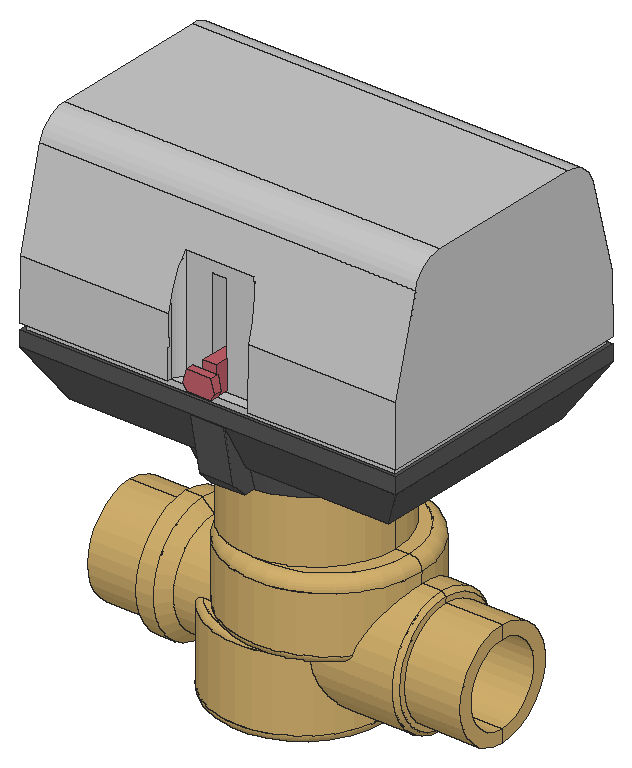
Revit family "Resideo_VC-ValveBody_VCZAsss", category Pipe Fittings, Revit 2021
Family settings
  Round Connector Dimension = Use Diameter
  Part Type = Transition
  OmniClass Number = 23.65.55.14
  OmniClass Title = Valves for Liquid Services
  Work Plane-Based = No
  Always vertical = Yes
  Cut with Voids When Loaded = No
  Shared = No
Parameters (values of type "VCZAH1000")
  e = 4.0 mm
  d = 26.725 mm
  c = 55.725 mm
  b = 39.5 mm
  a = 19.5 mm
  _ObjectUserGuide = "https://www.bimstore.co/products/vc-valve-body-vcza/document/object-user-guide"
  _DistributedBy = "https://www.bimstore.co/"
  _CurrentRevision = 1
  _CreatedBy = "https://www.bimstore.co/"
  _BimSpecGuid = 0
  _BSBibleVersion = 16
  _AuthorizedBy = "bimstore"
  _Author = "AM"
  WithActuator-VC8010ZZ00/U [instance] = no
  WithActuator-VC6613ZZ00/U [instance] = no
  WithActuator-VC6013ZZ00/U [instance] = no
  WithActuator-VC6012ZZ00/U [instance] = no
  WithActuator-VC4013ZZ00/U [instance] = yes
  Weight = 0.51 kg
  WarrantyStartDate [instance] = "Please record on commissioning"
  WarrantyGuarantorParts = "https://www.resideo.com/gb/en/contact-us/"
  WarrantyGuarantorLabor = "https://www.resideo.com/gb/en/contact-us/"
  WarrantyDurationUnit = "Year"
  WarrantyDurationParts = "0"
  WarrantyDurationLabor = "0"
  WarrantyDescription = "n/a"
  VCZAP1100/U = no
  VCZAJ1100/U = no
  VCZAJ1000/U = no
  VCZAH1100/U = yes
  URL = "https://www.resideo.com/"
  TypeName = "VCZAH1000"
  Type Comments = "BODY VALVE"
  SpareParts = "VC Series replacement cartridge for 2-port zone valves, on/off [VCZZ1000/U]"
  Size = "50mm (D) x 93mm (H) x 65mm (L)"
  Shape = "n/a"
  SerialNumber [instance] = "Please record on commissioning"
  SecondaryMaterial = Resideo - Stainless Steel
  ReplacementCost = "n/a"
  ReferencedStandard = "n/a"
  ProductionYear = "2022"
  ProductSeries = "VC-A-int"
  PrimaryMaterial = Resideo - Brass
  NominalPressure = "PN20"
  NominalLength = 94.0 mm
  NominalHeight = 83.0 mm
  NominalDepth = 47.0 mm
  NBSReference = "n/a"
  NBSOfficeMasterTag = "n/a"
  NBSObjectName = "Resideo - Valve products"
  NBSNote = "n/a"
  NBSDescription = "Valve products"
  ModelReference = "BODY VALVE"
  ModelNumber = "VCZAH1000"
  Model = "VCZAH1000"
  MinimumMediaTemperature = "1°C"
  MediumType = "Water or water-glycol mixture according to VDI 2035"
  MaximumMediaTemperature = "95°C"
  MaximumDifferentialPressure = 4.0 bar
  Material = "Brass"
  ManufacturerName = "Resideo"
  Manufacturer = "Resideo"
  Keynote = "S"
  InstallationDate [instance] = "Please record on commissioning"
  IfcExportType = "IfcValveTypeEnum.REGULATING"
  IfcExportAs = "IfcValve"
  Grade = "n/a"
  FlowCapacity(A-B) = 5.3 m³/h
  Finish = "n/a"
  Features = "n/a"
  ExpectedLife = 0
  Error [instance] = if(and([WithActuator-VC4013ZZ00/U], [WithActuator-VC6012ZZ00/U]), "Please choose only one Actuator type", if(and([WithActuator-VC4013ZZ00/U], [WithActuator-VC6013ZZ00/U]), "Please choose only one Actuator type", if(and([WithActuator-VC4013ZZ00/U], [WithActuator-VC6613ZZ00/U]), "Please choose only one Actuator type", if(and([WithActuator-VC4013ZZ00/U], [WithActuator-VC8010ZZ00/U]), "Please choose only one Actuator type", if(and([WithActuator-VC6012ZZ00/U], [WithActuator-VC6013ZZ00/U]), "Please choose only one Actuator type", if(and([WithActuator-VC6012ZZ00/U], [WithActuator-VC6613ZZ00/U]), "Please choose only one Actuator type", if(and([WithActuator-VC6012ZZ00/U], [WithActuator-VC8010ZZ00/U]), "Please choose only one Actuator type", if(and([WithActuator-VC6013ZZ00/U], [WithActuator-VC6613ZZ00/U]), "Please choose only one Actuator type", if(and([WithActuator-VC6013ZZ00/U], [WithActuator-VC8010ZZ00/U]), "Please choose only one Actuator type", if(not(or([WithActuator-VC4013ZZ00/U], [WithActuator-VC6012ZZ00/U], [WithActuator-VC6013ZZ00/U], [WithActuator-VC6613ZZ00/U], [WithActuator-VC8010ZZ00/U])), "Please choose an actuator type", "n/a"))))))))))  # "n/a"
  DurationUnit = "Year"
  DocumentationTechnical = "https://www.bimstore.co/products/vc-valve-body-vcza/document/technical-data-sheet"
  DocumentationMaintenance = "https://www.bimstore.co/products/vc-valve-body-vcza/document/maintenance-information"
  DocumentationLiterature = "https://www.bimstore.co/products/vc-valve-body-vcza/document/product-literature"
  DocumentationInstallationGuide = "https://www.bimstore.co/products/vc-valve-body-vcza/document/installation-guide"
  DocumentationCertificates = "https://www.bimstore.co/products/vc-valve-body-vcza/document/product-certificates"
  Description = "BODY VALVE"
  Default Elevation = 0.0 mm
  CreatedOn = "2022-04-05 T09:00:00"
  CreatedBy = "https://www.resideo.com/gb/en/contact-us/"
  Cost = 0
  ControlCharacteristics = "On/Off"
  Constituents = "n/a"
  ConnectionSize = "3/4\""
  ConnectionDia = 20.0 mm
  ConnectionRadius = ConnectionDia / 2  # 10.0 mm
  Color = "n/a"
  CodePerformance = "n/a"
  ClassificationValue = "Pr_65_54"
  ClassificationName = "Uniclass2015"
  BarCode [instance] = "Please record on commissioning"
  BIMObjectName = "Resideo_VC-ValveBody_VCZA"
  AssetType = "Fixed"
  AssetIdentifier [instance] = "Please record on commissioning"
  Assembly Code = "D20"
  ActuatorWeight [instance] = if([WithActuator-VC4013ZZ00/U], 0.335 kg, if([WithActuator-VC6012ZZ00/U], 0.29 kg, if([WithActuator-VC6013ZZ00/U], 0.31 kg, if([WithActuator-VC6613ZZ00/U], 0.31 kg, if([WithActuator-VC8010ZZ00/U], 0.29 kg, 0.00 kg)))))  # 0.335 kg
  ActuatorPowerSupply [instance] = if(and([WithActuator-VC4013ZZ00/U], [WithActuator-VC6012ZZ00/U]), "Please choose only one Actuator type", if(and([WithActuator-VC4013ZZ00/U], [WithActuator-VC6013ZZ00/U]), "Please choose only one Actuator type", if(and([WithActuator-VC4013ZZ00/U], [WithActuator-VC6613ZZ00/U]), "Please choose only one Actuator type", if(and([WithActuator-VC4013ZZ00/U], [WithActuator-VC8010ZZ00/U]), "Please choose only one Actuator type", if(and([WithActuator-VC6012ZZ00/U], [WithActuator-VC6013ZZ00/U]), "Please choose only one Actuator type", if(and([WithActuator-VC6012ZZ00/U], [WithActuator-VC6613ZZ00/U]), "Please choose only one Actuator type", if(and([WithActuator-VC6012ZZ00/U], [WithActuator-VC8010ZZ00/U]), "Please choose only one Actuator type", if(and([WithActuator-VC6013ZZ00/U], [WithActuator-VC6613ZZ00/U]), "Please choose only one Actuator type", if(and([WithActuator-VC6013ZZ00/U], [WithActuator-VC8010ZZ00/U]), "Please choose only one Actuator type", if([WithActuator-VC4013ZZ00/U], "230V, 50-60Hz", if([WithActuator-VC6012ZZ00/U], "230V, 50-60Hz", if([WithActuator-VC6013ZZ00/U], "230V, 50-60Hz", if([WithActuator-VC6613ZZ00/U], "230V, 50-60Hz", if([WithActuator-VC8010ZZ00/U], "24V, 50-60Hz", "Please choose an actuator type"))))))))))))))  # "230V, 50-60Hz"
  ActuatorOffset = 39.5 mm
  ActuatorControlSignal [instance] = if(and([WithActuator-VC4013ZZ00/U], [WithActuator-VC6012ZZ00/U]), "Please choose only one Actuator type", if(and([WithActuator-VC4013ZZ00/U], [WithActuator-VC6013ZZ00/U]), "Please choose only one Actuator type", if(and([WithActuator-VC4013ZZ00/U], [WithActuator-VC6613ZZ00/U]), "Please choose only one Actuator type", if(and([WithActuator-VC4013ZZ00/U], [WithActuator-VC8010ZZ00/U]), "Please choose only one Actuator type", if(and([WithActuator-VC6012ZZ00/U], [WithActuator-VC6013ZZ00/U]), "Please choose only one Actuator type", if(and([WithActuator-VC6012ZZ00/U], [WithActuator-VC6613ZZ00/U]), "Please choose only one Actuator type", if(and([WithActuator-VC6012ZZ00/U], [WithActuator-VC8010ZZ00/U]), "Please choose only one Actuator type", if(and([WithActuator-VC6013ZZ00/U], [WithActuator-VC6613ZZ00/U]), "Please choose only one Actuator type", if(and([WithActuator-VC6013ZZ00/U], [WithActuator-VC8010ZZ00/U]), "Please choose only one Actuator type", if([WithActuator-VC4013ZZ00/U], "2-pt", if([WithActuator-VC6012ZZ00/U], "3-pt", if([WithActuator-VC6013ZZ00/U], "3-pt", if([WithActuator-VC6613ZZ00/U], "3-pt", if([WithActuator-VC8010ZZ00/U], "2-pt", "Please choose an actuator type"))))))))))))))  # "2-pt"
  ActuatorConnectionType [instance] = if(and([WithActuator-VC4013ZZ00/U], [WithActuator-VC6012ZZ00/U]), "Please choose only one Actuator type", if(and([WithActuator-VC4013ZZ00/U], [WithActuator-VC6013ZZ00/U]), "Please choose only one Actuator type", if(and([WithActuator-VC4013ZZ00/U], [WithActuator-VC6613ZZ00/U]), "Please choose only one Actuator type", if(and([WithActuator-VC4013ZZ00/U], [WithActuator-VC8010ZZ00/U]), "Please choose only one Actuator type", if(and([WithActuator-VC6012ZZ00/U], [WithActuator-VC6013ZZ00/U]), "Please choose only one Actuator type", if(and([WithActuator-VC6012ZZ00/U], [WithActuator-VC6613ZZ00/U]), "Please choose only one Actuator type", if(and([WithActuator-VC6012ZZ00/U], [WithActuator-VC8010ZZ00/U]), "Please choose only one Actuator type", if(and([WithActuator-VC6013ZZ00/U], [WithActuator-VC6613ZZ00/U]), "Please choose only one Actuator type", if(and([WithActuator-VC6013ZZ00/U], [WithActuator-VC8010ZZ00/U]), "Please choose only one Actuator type", if([WithActuator-VC4013ZZ00/U], "Cable (1 meter)", if([WithActuator-VC6012ZZ00/U], "Molex™ socket", if([WithActuator-VC6013ZZ00/U], "Cable (1 meter)", if([WithActuator-VC6613ZZ00/U], "Cable (1 meter)", if([WithActuator-VC8010ZZ00/U], "Molex™ socket", "Please choose an actuator type"))))))))))))))  # "Cable (1 meter)"
  ActuatorAuxillarySwitches [instance] = if([WithActuator-VC6613ZZ00/U], "1", "n/a")  # "n/a"
  AccessibilityPerformance = "n/a"
Types (8, lengths in mm): name | e | d | c | b | a | Weight | VCZAP1100/U | VCZAJ1100/U | VCZAJ1000/U | VCZAH1100/U | TypeName | SpareParts | NominalHeight | ModelNumber | Model | FlowCapacity(A-B) | ControlCharacteristics | ConnectionSize | ConnectionDia | ConnectionRadius | ActuatorOffset
  VCZAH1100 | 4.0 | 26.725 | 55.725 | 39.5 | 19.5 | 0.51 kg | no | no | no | yes | "VCZAH1100" | "VC Series replacement cartridge for 2-port zone valves, on/off [VCZZ1000/U]" | 83.0 | "VCZAH1100" | "VCZAH1100" | 4.5 m³/h | "Modulating" | "3/4\"" | 20.0 | 10.0 | 39.5
  VCZAJ1000 | 4.0 | 26.725 | 55.725 | 39.5 | 19.5 | 0.54 kg | no | no | yes | no | "VCZAJ1000" | "VC Series replacement cartridge for 2-port zone valves, on/off [VCZZ1000/U]" | 83.0 | "VCZAJ1000" | "VCZAJ1000" | 5.0 m³/h | "On/Off" | "3/4\"" | 20.0 | 10.0 | 39.5
  VCZAJ1100 | 4.0 | 26.725 | 55.725 | 39.5 | 19.5 | 0.54 kg | no | yes | no | no | "VCZAJ1100" | "VC Series replacement cartridge for 2-port zone valves, on/off [VCZZ1100/U]" | 83.0 | "VCZAJ1100" | "VCZAJ1100" | 4.5 m³/h | "Modulating" | "3/4\"" | 20.0 | 10.0 | 39.5
  VCZAP1100 | 3.8 | 25.2 | 53.1 | 38.0 | 21.0 | 0.565 kg | yes | no | no | no | "VCZAP1100" | "VC Series replacement cartridge for 2-port zone valves, on/off [VCZZ1100/U]" | 82.0 | "VCZAP1100" | "VCZAP1100" | 5.7 m³/h | "Modulating" | "1\"" | 25.0 | 12.5 | 38.0
  VCZAP1000 | 3.8 | 25.2 | 53.1 | 38.0 | 21.0 | 0.565 kg | yes | no | no | no | "VCZAP1000" | "VC Series replacement cartridge for 2-port zone valves, on/off [VCZZ1000/U]" | 82.0 | "VCZAP1000" | "VCZAP1000" | 5.5 m³/h | "On/Off" | "1\"" | 25.0 | 12.5 | 38.0
  VCZAH1000 | 4.0 | 26.725 | 55.725 | 39.5 | 19.5 | 0.51 kg | no | no | no | yes | "VCZAH1000" | "VC Series replacement cartridge for 2-port zone valves, on/off [VCZZ1000/U]" | 83.0 | "VCZAH1000" | "VCZAH1000" | 5.3 m³/h | "On/Off" | "3/4\"" | 20.0 | 10.0 | 39.5
  VCZAQ1100 | 3.8 | 25.2 | 53.1 | 38.0 | 21.0 | 0.53 kg | yes | no | no | no | "VCZAQ1100" | "VC Series replacement cartridge for 2-port zone valves, on/off [VCZZ1100/U]" | 82.0 | "VCZAQ1100" | "VCZAQ1100" | 5.3 m³/h | "Modulating" | "1\"" | 25.0 | 12.5 | 38.0
  VCZAQ1000 | 3.8 | 25.2 | 53.1 | 38.0 | 21.0 | 0.53 kg | yes | no | no | no | "VCZAQ1000" | "VC Series replacement cartridge for 2-port zone valves, on/off [VCZZ1000/U]" | 82.0 | "VCZAQ1000" | "VCZAQ1000" | 5.5 m³/h | "On/Off" | "1\"" | 25.0 | 12.5 | 38.0
Reference planes
  plane 1 "Center (Front/Back)": y = 0
  plane 2: z = 0
  plane 3 "Center (Left/Right)": x = 0
  plane 4: y = 0
  plane 5: x = 0
Forms (mm)
  Revolve 1, solid, material "Resideo - Brass" <- "PrimaryMaterial", detail levels medium+fine
    sketch origin (0, 0, 0) x (1, 0, 0) y (0, 0, 1)
      loop
        arc (17.72, 0.722) -> (17.281, 1.783) -> (16.22, 2.222) r 1.5
        line (16.22, 2.222) -> (-3.361, 2.222) -> (-3.361, -19.5) -> (15.554, -19.5)
        arc (15.554, -19.5) -> (17.086, -18.865) -> (17.72, -17.333) r 2.167
        line (17.72, -17.333) -> (17.72, 0.722)
      axis (-3.361, 2.222) -> (-3.361, -19.5)
    angle from 0 to 360
  Revolve 2, solid, material "Resideo - Brass" <- "PrimaryMaterial", detail levels medium+fine
    sketch origin (0, 0, 0) x (1, 0, 0) y (0, 0, 1)
      loop
        line (23.525, 21) -> (3.284, 21) -> (3.284, 2.222) -> (24.83, 2.222)
        arc (24.83, 2.222) -> (26.012, 2.712) -> (26.502, 3.895) r 1.672
        line (26.502, 3.895) -> (26.502, 18.023)
        arc (26.502, 18.023) -> (25.63, 20.128) -> (23.525, 21) r 2.977
      axis (3.284, 21) -> (3.284, 2.222)
    angle from 0 to 360
  Revolve 3, solid, material "Resideo - Brass" <- "PrimaryMaterial", visible <- "VCZAH1100/U", detail levels medium+fine
    sketch origin (0, 0, 0) x (1, 0, 0) y (0, 0, 1)
      loop
        line (-46.6, 13.227) -> (-46.6, 10) -> (-32.57, 10) -> (-32.57, 0) -> (32.495, 0) -> (32.495, 10) -> (46.6, 10) -> (46.6, 13.227) -> (32.495, 13.227) -> (32.495, 14.553) -> (31.466, 15.582) -> (0, 15.582) -> (0, 12.905) -> (-25.574, 12.905) -> (-28.31, 15.64) -> (-32.57, 15.64) -> (-32.57, 13.227) -> (-46.6, 13.227)
      axis (46.6, 0) -> (-46.6, 0)
    angle from 0 to 360
  Revolve 4, solid, material "Resideo - Brass" <- "PrimaryMaterial", detail levels medium+fine
    sketch origin (0, 0, 0) x (1, 0, 0) y (0, 0, 1)
      loop
        line (19.934, 39.5) -> (17.407, 39.5) -> (17.407, 25.725) -> (0, 25.725) -> (0, 15.808) -> (19.934, 15.808) -> (19.934, 39.5)
      axis (0, 15.808) -> (0, 39.5)
    angle from 0 to 360
  Revolve 5, solid, material "Resideo - Brass" <- "PrimaryMaterial", visible <- "VCZAJ1000/U", detail levels medium+fine
    sketch origin (0, 0, 0) x (1, 0, 0) y (0, 0, 1)
      loop
        line (-46.6, 10) -> (-30.095, 10) -> (-30.095, 0) -> (30.095, 0) -> (30.095, 10) -> (46.6, 10) -> (46.6, 15.605) -> (27.435, 15.605) -> (26.18, 12.914) -> (-26.023, 12.914) -> (-27.576, 15.605) -> (-46.6, 15.605) -> (-46.6, 10)
      axis (46.6, 0) -> (-46.6, 0)
    angle from 0 to 360
  Revolve 6, solid, material "Resideo - Brass" <- "PrimaryMaterial", visible <- "VCZAJ1100/U", detail levels medium+fine
    sketch origin (0, 0, 0) x (1, 0, 0) y (0, 0, 1)
      loop
        line (-46.6, 10) -> (-36.6, 10) -> (-36.6, 0) -> (36.6, 0) -> (36.6, 10) -> (46.6, 10) -> (46.6, 15.594) -> (27.55, 15.594) -> (26.003, 12.914) -> (-26.003, 12.914) -> (-27.55, 15.594) -> (-46.6, 15.594) -> (-46.6, 10)
      axis (46.6, 0) -> (-46.6, 0)
    angle from 0 to 360
  Revolve 7, solid, material "Resideo - Brass" <- "PrimaryMaterial", visible <- "VCZAP1100/U", detail levels medium+fine
    sketch origin (0, 0, 0) x (1, 0, 0) y (0, 0, 1)
      loop
        line (-46.6, 12.5) -> (-29.8, 12.5) -> (-29.8, 0) -> (29.8, 0) -> (29.8, 12.5) -> (46.6, 12.5) -> (46.6, 18.706) -> (25.277, 18.706) -> (24.801, 17.684) -> (-24.81, 17.684) -> (-25.286, 18.706) -> (-46.6, 18.706) -> (-46.6, 12.5)
      axis (46.6, 0) -> (-46.6, 0)
    angle from 0 to 360
  Extrusion 8, solid, not visible, detail levels medium+fine
    sketch origin (49, 0, -50) x (0, 0, 1) y (0, -1, 0)
      loop
        circle (50, 0) r 5
    from -95.6 to -2.4
  Extrusion 9, solid, material "Resideo - Plastic - Light Grey", detail levels medium+fine
    sketch origin (0, -100, 39.5) x (0, 1, 0) y (0, 0, 1)
      loop
        line (134, 23.5) -> (133.739, 38.476) -> (127.684, 61.071)
        arc (127.684, 61.071) -> (124.827, 65.347) -> (119.957, 67) r 8
        line (119.957, 67) -> (80.043, 67)
        arc (80.043, 67) -> (75.173, 65.347) -> (72.316, 61.071) r 8
        line (72.316, 61.071) -> (66.261, 38.476) -> (66, 23.5) -> (134, 23.5)
    from -47 to 47
  Extrusion 10, solid, material "Resideo - Plastic - Black", detail levels medium+fine
    sketch origin (100, 0, 39.5) x (-1, 0, 0) y (0, -1, 0)
      loop
        line (53, 34) -> (53, -34) -> (147, -34) -> (147, 34) -> (53, 34)
    from 18.076 to 22
  Blend 11, solid, material "Resideo - Plastic - Black", detail levels medium+fine
    base sketch origin (100, 0, 39.5) x (-1, 0, 0) y (0, -1, 0)
      loop
        line (147, -34) -> (147, 34) -> (53, 34) -> (53, -34) -> (147, -34)
    top sketch origin (100, 0, 39.5) x (-1, 0, 0) y (0, -1, 0)
      loop
        line (140, -26.777) -> (140, 27.223) -> (60, 27.223) -> (60, -26.777) -> (140, -26.777)
    from 18.076 to 6
  Revolve 12, solid, material "Resideo - Plastic - Black", detail levels medium+fine
    sketch origin (100, 0, 39.5) x (-1, 0, 0) y (0, 0, -1)
      loop
        line (123.224, 0) -> (124.832, -6) -> (126.608, -6) -> (125, 0) -> (123.224, 0)
      axis (100, -6) -> (100, 0)
    angle from 0 to 360
  Extrusion 13, solid, material "Resideo - Plastic - Light Grey", detail levels medium+fine
    sketch origin (100, 0, 39.5) x (-1, 0, 0) y (0, -1, 0)
      loop
        line (146, -33) -> (146, 33) -> (54, 33) -> (54, -33) -> (146, -33)
    from 22 to 23.5
  Extrusion 14, void
    sketch origin (100, 0, 39.5) x (0, -1, 0) y (-1, 0, 0)
      loop
        line (30.2, 108.533) -> (30.2, 91.467)
        arc (30.2, 91.467) -> (31.475, 90.388) -> (33.1, 90) r 3.6
        line (33.1, 90) -> (35.1, 90) -> (35.1, 110) -> (33.1, 110)
        arc (33.1, 110) -> (31.475, 109.612) -> (30.2, 108.533) r 3.6
    from -67 to -22
  Extrusion 15, void
    sketch origin (100, 0, 39.5) x (1, 0, 0) y (0, 0, -1)
      loop
        line (-101.8, -23.821) -> (-101.8, -49.014) -> (-98.2, -49.014) -> (-98.2, -23.821) -> (-101.8, -23.821)
    from 0 to -35.56
  Extrusion 16, solid, material "Resideo - Plastic - Red", detail levels medium+fine
    sketch origin (100, 0, 39.5) x (-1, 0, 0) y (0, 0, -1)
      loop
        line (98.3, -30.976) -> (101.7, -30.976) -> (101.7, -23.821) -> (98.3, -23.821) -> (98.3, -30.976)
    from 18.12 to 33.39
  Extrusion 17, solid, material "Resideo - Plastic - Red", detail levels medium+fine
    sketch origin (100, 0, 39.5) x (-1, 0, 0) y (0, 0, -1)
      loop
        line (103.089, -29.85) -> (104, -26.45) -> (103.076, -24.85) -> (96.924, -24.85) -> (96, -26.45) -> (96.911, -29.85) -> (103.089, -29.85)
    from 34.79 to 36.79
  Extrusion 18, solid, material "Resideo - Plastic - Black", detail levels medium+fine
    sketch origin (0, -100, 39.5) x (0, 1, 0) y (0, 0, 1)
      loop
        line (65.777, 18.076) -> (68.777, 3.7) -> (72.477, 0) -> (76.56, 0) -> (76.56, 18.076) -> (65.777, 18.076)
    from -4.1 to 4.1
  Extrusion 19, solid, material "Resideo - Plastic - Red", detail levels medium+fine
    sketch origin (0, -100, 39.5) x (0, 1, 0) y (0, 0, 1)
      loop
        line (66.61, 27.95) -> (65.21, 27.95) -> (65.21, 24.85) -> (66.61, 24.85) -> (66.61, 27.95)
    from -1.7 to 1.7
Cuts and joins
  joined: Revolve 1, Revolve 2, Revolve 4
  Extrusion 14, Extrusion 15 cuts Extrusion 9
Lines and regions (mm)
  model lines, detail levels coarse
    curve 1: line (-46.6, 0, 0) -> (-20.577, 0, 0)
    curve 2: line (-20.577, 10, 0) -> (-20.577, -10, 0)
    curve 3: line (20.577, 10, 0) -> (20.577, -10, 0)
    curve 4: line (-20.577, 10, 0) -> (20.577, -10, 0)
    curve 5: line (20.577, 10, 0) -> (-20.577, -10, 0)
    curve 6: line (46.6, 0, 0) -> (20.577, 0, 0)
  reference lines
    curve 7: line (100, 0, 39.5) -> (-100, 0, 39.5)
    curve 8: line (0, -100, 39.5) -> (0, 100, 39.5)
Dimensions and locks
  "a": level to Revolve 1 sketch curve
  "b": Revolve 4 sketch curve to level
  equal spacing: Extrusion 8, plane 3 "Center (Left/Right)", Extrusion 8
  Extrusion 8 to Extrusion 8 = 93.2 mm
  equal spacing: curve 2, plane 1 "Center (Front/Back)", curve 2
  "ConnectionDia": curve 2 to curve 2
  equal spacing: curve 3, plane 1 "Center (Front/Back)", curve 3
  "ConnectionDia": curve 3 to curve 3
  "ActuatorOffset": curve 7 to level
  "ActuatorOffset": curve 8 to level
  aligned and locked: level to plane 2
  aligned and locked: level to Extrusion 8 sketch curve
  aligned and locked: plane 1 "Center (Front/Back)" to Extrusion 8 sketch curve
  aligned and locked: plane 1 "Center (Front/Back)" to curve 1
  aligned and locked: plane 4 to plane 1 "Center (Front/Back)"
  aligned and locked: plane 3 "Center (Left/Right)" to plane 5
Automatic sketch dimensions
  Revolve 12 sketch curve to curve 7 = 0.0 mm
  Revolve 12 sketch curve to curve 7 = 76.776 mm
  Revolve 12 sketch curve to Revolve 12 sketch curve = 1.608 mm
  Revolve 12 sketch curve to Revolve 12 sketch curve = 1.776 mm  (x2)
  curve 7 to Revolve 12 sketch curve = 6.0 mm
  Revolve 12 sketch curve to curve 7 = 5.222 mm
  Revolve 12 sketch curve to Revolve 12 sketch curve = 23.224 mm
  Revolve 12 sketch curve to Revolve 12 sketch curve = 68.778 mm
  curve 7 to Blend 11 sketch curve = 53.0 mm
  Blend 11 sketch curve to curve 7 = 53.0 mm
  curve 7 to Blend 11 sketch curve = 34.0 mm
  Blend 11 sketch curve to curve 7 = 34.0 mm
  curve 7 to Blend 11 sketch curve = 26.777 mm
  curve 7 to Blend 11 sketch curve = 60.0 mm
  Blend 11 sketch curve to curve 7 = 27.223 mm
  Blend 11 sketch curve to curve 7 = 60.0 mm
  curve 7 to Extrusion 10 sketch curve = 53.0 mm
  Extrusion 10 sketch curve to curve 7 = 53.0 mm
  curve 7 to Extrusion 10 sketch curve = 34.0 mm
  Extrusion 10 sketch curve to curve 7 = 34.0 mm
  curve 7 to Extrusion 13 sketch curve = 54.0 mm
  Extrusion 13 sketch curve to curve 7 = 54.0 mm
  curve 7 to Extrusion 13 sketch curve = 33.0 mm
  Extrusion 13 sketch curve to curve 7 = 33.0 mm
  curve 7 to Extrusion 14 sketch curve = 90.0 mm
  Extrusion 14 sketch curve to Extrusion 14 sketch curve = 1.467 mm
  Extrusion 14 sketch curve to Extrusion 14 sketch curve = 3.6 mm  (x2)
  Extrusion 14 sketch curve to Extrusion 14 sketch curve = 12.8 mm
  Extrusion 14 sketch curve to Extrusion 14 sketch curve = 2.133 mm
  Extrusion 14 sketch curve to curve 7 = 30.2 mm
  Extrusion 14 sketch curve to Extrusion 14 sketch curve = 2.0 mm
  curve 7 to Extrusion 15 sketch curve = 49.014 mm
  curve 7 to Extrusion 15 sketch curve = 98.2 mm
  Extrusion 15 sketch curve to Extrusion 15 sketch curve = 3.6 mm
  curve 7 to Extrusion 15 sketch curve = 23.821 mm
  curve 7 to Extrusion 16 sketch curve = 23.821 mm
  curve 7 to Extrusion 16 sketch curve = 98.3 mm
  Extrusion 16 sketch curve to Extrusion 16 sketch curve = 3.4 mm
  Extrusion 16 sketch curve to Extrusion 16 sketch curve = 7.155 mm
  curve 7 to Extrusion 17 sketch curve = 26.45 mm  (x2)
  curve 7 to Extrusion 17 sketch curve = 96.0 mm
  Extrusion 17 sketch curve to Extrusion 17 sketch curve = 0.911 mm
  Extrusion 17 sketch curve to Extrusion 17 sketch curve = 0.924 mm  (x2)
  curve 7 to Extrusion 17 sketch curve = 24.85 mm
  Extrusion 17 sketch curve to Extrusion 17 sketch curve = 6.152 mm
  curve 7 to Extrusion 17 sketch curve = 29.85 mm
  Extrusion 17 sketch curve to Extrusion 17 sketch curve = 0.013 mm
  plane 3 "Center (Left/Right)" to Revolve 2 sketch curve = 3.284 mm
  Revolve 2 sketch curve to Revolve 2 sketch curve = 20.241 mm
  level to Revolve 2 sketch curve = 3.895 mm
  Revolve 2 sketch curve to Revolve 2 sketch curve = 1.305 mm
  Revolve 2 sketch curve to Revolve 2 sketch curve = 2.977 mm
  Revolve 2 sketch curve to Revolve 2 sketch curve = 14.128 mm
  Revolve 2 sketch curve to Revolve 2 sketch curve = 0.0 mm  (x2)
  Revolve 2 sketch curve to level = 1.888 mm
  Revolve 3 sketch curve to level = 0.0 mm  (x2)
  Revolve 3 sketch curve to plane 3 "Center (Left/Right)" = 0.0 mm
  Revolve 3 sketch curve to plane 3 "Center (Left/Right)" = 25.574 mm
  Revolve 3 sketch curve to Revolve 3 sketch curve = 2.736 mm  (x2)
  Revolve 3 sketch curve to Revolve 3 sketch curve = 4.26 mm
  Revolve 3 sketch curve to Revolve 3 sketch curve = 0.0 mm  (x2)
  Revolve 3 sketch curve to Revolve 3 sketch curve = 14.03 mm
  level to Revolve 3 sketch curve = 15.582 mm
  plane 3 "Center (Left/Right)" to Revolve 3 sketch curve = 31.466 mm
  level to Revolve 3 sketch curve = 14.553 mm
  Revolve 3 sketch curve to Revolve 3 sketch curve = 1.029 mm
  Revolve 3 sketch curve to Revolve 3 sketch curve = 14.105 mm
  level to Revolve 3 sketch curve = 10.0 mm
  Revolve 3 sketch curve to Revolve 3 sketch curve = 4.553 mm
  Revolve 3 sketch curve to Revolve 3 sketch curve = 2.677 mm
  Revolve 3 sketch curve to Revolve 3 sketch curve = 3.227 mm
  Revolve 3 sketch curve to Revolve 3 sketch curve = 1.326 mm
  Revolve 3 sketch curve to Revolve 3 sketch curve = 5.0 mm
  Revolve 3 sketch curve to Revolve 3 sketch curve = 10.0 mm
  Revolve 5 sketch curve to level = 0.0 mm  (x2)
  level to Revolve 5 sketch curve = 15.605 mm
  Revolve 5 sketch curve to plane 3 "Center (Left/Right)" = 46.6 mm
  Revolve 5 sketch curve to Revolve 5 sketch curve = 16.505 mm  (x2)
  Revolve 5 sketch curve to Revolve 5 sketch curve = 2.519 mm
  Revolve 5 sketch curve to Revolve 5 sketch curve = 1.553 mm
  level to Revolve 5 sketch curve = 12.914 mm
  plane 3 "Center (Left/Right)" to Revolve 5 sketch curve = 26.18 mm
  Revolve 5 sketch curve to Revolve 5 sketch curve = 1.254 mm
  Revolve 5 sketch curve to Revolve 5 sketch curve = 3.915 mm
  Revolve 5 sketch curve to Revolve 5 sketch curve = 2.914 mm  (x2)
  Revolve 5 sketch curve to Revolve 5 sketch curve = 5.605 mm
  Revolve 5 sketch curve to Revolve 5 sketch curve = 1.505 mm
  Revolve 5 sketch curve to Revolve 5 sketch curve = 0.0 mm
  Revolve 6 sketch curve to level = 0.0 mm  (x2)
  level to Revolve 6 sketch curve = 10.0 mm  (x2)
  Revolve 6 sketch curve to plane 3 "Center (Left/Right)" = 46.6 mm
  Revolve 6 sketch curve to Revolve 6 sketch curve = 10.0 mm  (x3)
  Revolve 6 sketch curve to Revolve 6 sketch curve = 9.05 mm  (x2)
  level to Revolve 6 sketch curve = 12.914 mm
  Revolve 6 sketch curve to Revolve 6 sketch curve = 1.547 mm  (x2)
  plane 3 "Center (Left/Right)" to Revolve 6 sketch curve = 26.003 mm
  Revolve 6 sketch curve to Revolve 6 sketch curve = 5.594 mm
  Revolve 6 sketch curve to Revolve 6 sketch curve = 2.68 mm
  Revolve 6 sketch curve to Revolve 6 sketch curve = 0.0 mm
  Revolve 7 sketch curve to level = 0.0 mm  (x2)
  level to Revolve 7 sketch curve = 12.5 mm  (x2)
  Revolve 7 sketch curve to plane 3 "Center (Left/Right)" = 46.6 mm
  Revolve 7 sketch curve to Revolve 7 sketch curve = 16.8 mm  (x2)
  Revolve 7 sketch curve to Revolve 7 sketch curve = 4.514 mm
  Revolve 7 sketch curve to Revolve 7 sketch curve = 0.477 mm  (x2)
  plane 3 "Center (Left/Right)" to Revolve 7 sketch curve = 24.801 mm
  Revolve 7 sketch curve to Revolve 7 sketch curve = 4.999 mm
  Revolve 7 sketch curve to Revolve 7 sketch curve = 5.184 mm
  Revolve 7 sketch curve to Revolve 7 sketch curve = 1.022 mm  (x2)
  Revolve 7 sketch curve to Revolve 7 sketch curve = 0.0 mm  (x2)
  Extrusion 9 sketch curve to curve 8 = 23.5 mm
  curve 8 to Extrusion 9 sketch curve = 66.0 mm
  Extrusion 9 sketch curve to Extrusion 9 sketch curve = 0.261 mm  (x2)
  Extrusion 9 sketch curve to Extrusion 9 sketch curve = 6.054 mm  (x2)
  Extrusion 9 sketch curve to Extrusion 9 sketch curve = 7.727 mm  (x2)
  Extrusion 9 sketch curve to Extrusion 9 sketch curve = 39.914 mm
  Extrusion 9 sketch curve to Extrusion 9 sketch curve = 14.976 mm  (x2)
  Extrusion 9 sketch curve to Extrusion 9 sketch curve = 20.524 mm  (x2)
  Extrusion 9 sketch curve to Extrusion 9 sketch curve = 2.071 mm
  Extrusion 19 sketch curve to curve 8 = 27.95 mm
  curve 8 to Extrusion 19 sketch curve = 65.21 mm
  Extrusion 19 sketch curve to Extrusion 19 sketch curve = 1.4 mm
  Extrusion 19 sketch curve to Extrusion 19 sketch curve = 3.1 mm
  curve 8 to Extrusion 18 sketch curve = 0.0 mm
  Extrusion 18 sketch curve to curve 8 = 18.076 mm
  curve 8 to Extrusion 18 sketch curve = 65.777 mm
  Extrusion 18 sketch curve to curve 8 = 3.7 mm
  Extrusion 18 sketch curve to Extrusion 18 sketch curve = 3.0 mm
  Extrusion 18 sketch curve to Extrusion 18 sketch curve = 3.7 mm
  Extrusion 18 sketch curve to Extrusion 18 sketch curve = 4.082 mm
  curve 7 to plane 3 "Center (Left/Right)" = 100.0 mm
  plane 3 "Center (Left/Right)" to curve 7 = 100.0 mm
  level to Revolve 1 sketch curve = 2.222 mm
  Revolve 1 sketch curve to plane 3 "Center (Left/Right)" = 3.361 mm  (x2)
  plane 3 "Center (Left/Right)" to Revolve 1 sketch curve = 15.554 mm
  level to Revolve 1 sketch curve = 0.722 mm
  plane 3 "Center (Left/Right)" to Revolve 1 sketch curve = 16.22 mm
  Revolve 1 sketch curve to Revolve 1 sketch curve = 7.146 mm
  Revolve 1 sketch curve to Revolve 1 sketch curve = 0.0 mm
  Revolve 4 sketch curve to plane 3 "Center (Left/Right)" = 0.0 mm  (x2)
  plane 3 "Center (Left/Right)" to Revolve 4 sketch curve = 17.407 mm
  Revolve 4 sketch curve to Revolve 4 sketch curve = 2.527 mm
  Revolve 4 sketch curve to Revolve 4 sketch curve = 13.775 mm  (x2)
  Revolve 4 sketch curve to Revolve 4 sketch curve = 9.917 mm
  Revolve 4 sketch curve to Revolve 4 sketch curve = 5.0 mm
  plane 1 "Center (Front/Back)" to curve 6 = 0.0 mm
  curve 2 to plane 3 "Center (Left/Right)" = 20.577 mm
  plane 3 "Center (Left/Right)" to curve 4 = 20.577 mm
  curve 1 to curve 1 = 26.023 mm
  curve 6 to curve 6 = 26.023 mm
  plane 1 "Center (Front/Back)" to curve 8 = 100.0 mm
  curve 8 to plane 1 "Center (Front/Back)" = 100.0 mm
  radius of Extrusion 8 sketch curve = 5.0 mm
Connectors
  piping at (-46.6, 0, 0), diameter 20, driven by "ConnectionDia"
    settings: on Extrusion 8, index 1, connector inside diameter 609.6 mm, connector length 0.0 mm, flow factor 0, pipe flow 0.0 m³/h, pressure drop 0.0 bar, fitting loss kfactor 0, connector angle 0.00°, fixture units 0, engagement length 0.0 mm, angle of deflection 0.00°, flow configuration 0, flow direction 0, fitting loss method 0, system type 29, joint type 0, gender type 0, connector reference index 2, connector utility 0, adjustable connector no, is connector primary yes, connector description ""
  piping at (46.6, 0, 0), diameter 20, driven by "ConnectionDia"
    settings: on Extrusion 8, index 2, connector inside diameter 609.6 mm, connector length 0.0 mm, flow factor 0, pipe flow 0.0 m³/h, pressure drop 0.0 bar, fitting loss kfactor 0, connector angle 0.00°, fixture units 0, engagement length 0.0 mm, angle of deflection 0.00°, flow configuration 0, flow direction 0, fitting loss method 0, system type 29, joint type 0, gender type 0, connector reference index 1, connector utility 0, adjustable connector no, is connector primary no, connector description ""
  electrical at (0, 33.869, 70.488)
    settings: on cut or joined group of Extrusion 9, Extrusion 14, Extrusion 15, index 3, voltage 0 V, apparent load 0 VA, apparent load phase1 0 VA, apparent load phase2 0 VA, apparent load phase3 0 VA, power factor 1, load classification "Other", number of poles 1, system type 31, power factor state 1, is connector primary yes, connector utility no, sub classification motor no, connector description ""
